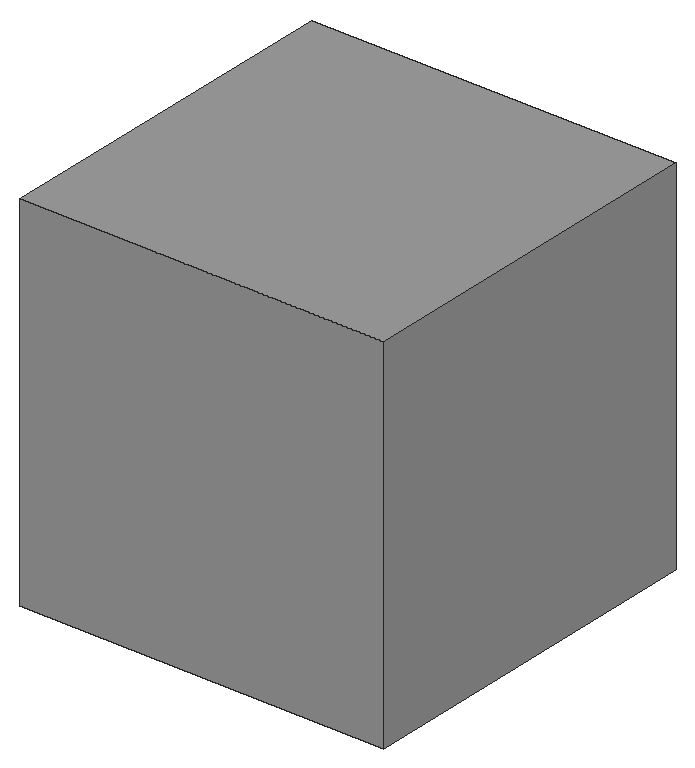
Revit family "Pull Box", category Electrical Fixtures, Revit 2021
Family settings
  Maintain Annotation Orientation = No
  Round Connector Dimension = Use Diameter
  Part Type = Normal
  OmniClass Number = 23.80.00.00
  OmniClass Title = Electric Power and Lighting
  Work Plane-Based = No
  Always vertical = Yes
  Cut with Voids When Loaded = No
  Shared = No
  Room Calculation Point = No
Parameters
  Width [instance] = 200 mm * ScaleFactor  # 200 mm
  SubSquare [instance] = 200 mm
  ScaleFactor [instance] = 1
  Material Code [instance] = ""
  LargeSquare [instance] = 200 mm
  IsAutoCalculatePullBoxSize [instance] = ""
  Height [instance] = 200 mm * ScaleFactor  # 200 mm
  Depth [instance] = 200 mm * ScaleFactor  # 200 mm
  Default Elevation = 0 mm
Reference planes
  plane 1 "Center (Front/Back)": y = 0
  plane 2: z = 0
  plane 3 "Center (Left/Right)": x = 0
  plane 4: x = -100
  plane 5: x = 100
  plane 6: y = 100
  plane 7: y = -100
  plane 8 "Top Cross": z = 100
  plane 9 "Bottom Cross": z = -100
Forms (mm)
  Extrusion 1, solid, material "Default"
    sketch origin (0, 0, 0) x (1, 0, 0) y (0, 1, 0)
      loop
        line (-100, 100) -> (-100, -100) -> (100, -100) -> (100, 100) -> (-100, 100)
    from -100 to 100
Lines and regions (mm)
  model lines, style "Pull Box Line"
    curve 1: line (-100, 100, 100) -> (100, -100, 100)
    curve 2: line (100, 100, 100) -> (-100, -100, 100)
Dimensions and locks
  "Height": Extrusion 1 to Extrusion 1
  equal spacing: Extrusion 1, level, Extrusion 1
  equal spacing: plane 4, plane 3 "Center (Left/Right)", plane 5
  "Width": plane 4 to plane 5
  equal spacing: plane 7, plane 1 "Center (Front/Back)", plane 6
  "Depth": plane 7 to plane 6
  equal spacing: plane 8 "Top Cross", level, plane 9 "Bottom Cross"
  "Height": plane 8 "Top Cross" to plane 9 "Bottom Cross"
  aligned and locked: level to plane 2
  aligned and locked: plane 6 to Extrusion 1 sketch curve
  aligned and locked: Extrusion 1 sketch curve to plane 7
  aligned and locked: Extrusion 1 sketch curve to plane 5
  aligned and locked: plane 4 to Extrusion 1 sketch curve
Automatic sketch dimensions
  curve 1 to plane 5 = 0 mm
  curve 2 to plane 5 = 0 mm
  curve 2 to plane 4 = 0 mm
  curve 1 to plane 4 = 0 mm
  plane 6 to curve 2 = 0 mm
  plane 6 to curve 1 = 0 mm
  plane 7 to curve 2 = 0 mm
  plane 7 to curve 1 = 0 mm
Connectors
  cabletrayconduit at (0, 0, 100), diameter 16
    settings: on Extrusion 1, index 1, connector width 300 mm, connector height 300 mm, connector angle 0.00°, system type 32, placement type 0, profile type 0, connector reference index -1, is primary connector yes, connector utility param no, connector description "Top"
  cabletrayconduit at (0, 100, 0), diameter 16
    settings: on Extrusion 1, index 2, connector width 300 mm, connector height 300 mm, connector angle 0.00°, system type 32, placement type 0, profile type 0, connector reference index -1, is primary connector no, connector utility param no, connector description "Back"
  cabletrayconduit at (0, -100, 0), diameter 16
    settings: on Extrusion 1, index 3, connector width 300 mm, connector height 300 mm, connector angle 0.00°, system type 32, placement type 0, profile type 0, connector reference index -1, is primary connector no, connector utility param no, connector description "Front"
  cabletrayconduit at (-100, 0, 0), diameter 16
    settings: on Extrusion 1, index 4, connector width 300 mm, connector height 300 mm, connector angle 0.00°, system type 32, placement type 0, profile type 0, connector reference index -1, is primary connector no, connector utility param no, connector description "Left"
  cabletrayconduit at (100, 0, 0), diameter 16
    settings: on Extrusion 1, index 5, connector width 300 mm, connector height 300 mm, connector angle 0.00°, system type 32, placement type 0, profile type 0, connector reference index -1, is primary connector no, connector utility param no, connector description "Right"
  cabletrayconduit at (0, 0, -100), diameter 16
    settings: on Extrusion 1, index 6, connector width 300 mm, connector height 300 mm, connector angle 0.00°, system type 32, placement type 0, profile type 0, connector reference index -1, is primary connector no, connector utility param no, connector description "Bottom"
